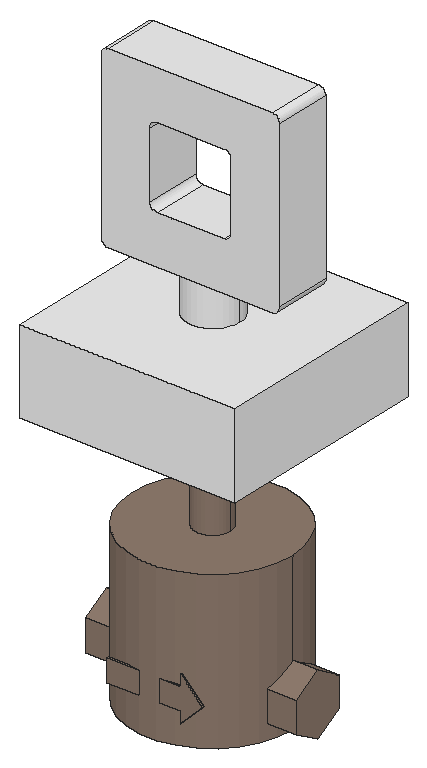
Revit family "Deca_Acabamento para Registro de Pressão Dot_4916.C.DOT.PQ", category Plumbing Fixtures, host Face, Revit 2012
Parameters (values of type "Base Fácil CPVC 28mm (4416.302.CPVC)")
  Vendido Separadamente = ""
  Variações de COR = "Cromado 1/2 e 3/4 (4916.C.DOT.PQ); Cromado/Branco 1/2 e 3/4 (4916.C.DOT.BR.PQ)"  # constant formula
  URL = "www.deca.com.br/produtos"
  Symbol [instance] = no
  Segmento = "Luxo"  # constant formula
  Raio Ponto de Agua = 14 mm
  Produto = "Acabamento para registro de pressão Dot"  # constant formula
  Pressão = "2 A 40 mca"  # constant formula
  Peso Liquido (Kg) = 0.59
  Norma = "ABNT NBR 10283: 2003"  # constant formula
  Model = Código  # "4916.C.DOT.PQ"
  Material = "Deca_Latão Cromado e Plástico de Engenharia"  # constant formula
  Manufacturer = "Deca"  # constant formula
  Louça/Metais = "Metal"  # constant formula
  Linha = "Dot"  # constant formula
  Informações Complementares = "Mecanismo: 1/2 volta"  # constant formula
  Flow Pressure = 0.00 psi
  Diâmetro Ponto de Agua = Raio Ponto de Agua * 2  # 28 mm
  Description = "Acabamento para registro de pressão"  # constant formula
  Default Elevation = 0 mm
  Código = "4916.C.DOT.PQ"
  Criado por = "Contino/quattroD"  # constant formula
  Consumo = "Varia com a pressão"  # constant formula
  CWFU = 0
  Base de Registro de Pressão _Family = Deca_Shared_Base de Registro de Pressão_4916.C.DOT.PQ : 4416.102 - DN 15 (1/2")
  Base de Registro de Pressão [instance] = yes
  Atendimento ao Cliente = "0800-0117073"  # constant formula
  Assembly Code = "D2020"
  Aprovado por = "Contino/quattroD"  # constant formula
  Acompanha o Produto = ""
  Acessório = Deca BR16  Branco Metal
  Acabamento de Registro [instance] = yes
  Acabamento = Deca CR10 Cromado Metal
Types (12, lengths in mm): name | Raio Ponto de Agua | Diâmetro Ponto de Agua | Base de Registro de Pressão _Family | Acessório
  (no name) | 14 | 28 | Deca_Shared_Base de Registro de Pressão_4916.C.DOT.PQ : 4416.102 - DN 15 (1/2") | Deca BR16  Branco Metal
  4916.C.DOT.PQ_Cromado CR10_1/2" | 7.5 | 15 | Deca_Shared_Base de Registro de Pressão_4916.C.DOT.PQ : 4416.102 - DN 15 (1/2") | Deca CR10 Cromado Metal
  4916.C.DOT.PQ_Cromado CR10_3/4" | 10 | 20 | Deca_Shared_Base de Registro de Pressão_4916.C.DOT.PQ : 4416.202 - DN 20 (3/4") | Deca CR10 Cromado Metal
  4916.C.DOT.BR.PQ_Cromado CR10/Branco BR16_1/2" | 7.5 | 15 | Deca_Shared_Base de Registro de Pressão_4916.C.DOT.PQ : 4416.102 - DN 15 (1/2") | Deca BR16  Branco Metal
  4916.C.DOT.BR.PQ_Cromado CR10/Branco BR16_3/4" | 10 | 20 | Deca_Shared_Base de Registro de Pressão_4916.C.DOT.PQ : 4416.202 - DN 20 (3/4") | Deca BR16  Branco Metal
  Base Fácil PVC 20mm (4416.102.PVC) | 10 | 20 | Deca_Shared_Base de Registro de Pressão_4916.C.DOT.PQ : 4416.102 - DN 15 (1/2") | Deca BR16  Branco Metal
  Base Fácil PVC 25mm (4416.202.PVC) | 12.5 | 25 | Deca_Shared_Base de Registro de Pressão_4916.C.DOT.PQ : 4416.102 - DN 15 (1/2") | Deca BR16  Branco Metal
  Base Fácil PPR 20mm (4416.102.PPR) | 10 | 20 | Deca_Shared_Base de Registro de Pressão_4916.C.DOT.PQ : 4416.102 - DN 15 (1/2") | Deca BR16  Branco Metal
  Base Fácil PPR 25mm (4416.202.PPR) | 12.5 | 25 | Deca_Shared_Base de Registro de Pressão_4916.C.DOT.PQ : 4416.102 - DN 15 (1/2") | Deca BR16  Branco Metal
  Base Fácil CPVC 15mm (4416.102.CPVC) | 7.5 | 15 | Deca_Shared_Base de Registro de Pressão_4916.C.DOT.PQ : 4416.102 - DN 15 (1/2") | Deca BR16  Branco Metal
  Base Fácil CPVC 22mm (4416.202.CPVC) | 11 | 22 | Deca_Shared_Base de Registro de Pressão_4916.C.DOT.PQ : 4416.102 - DN 15 (1/2") | Deca BR16  Branco Metal
  Base Fácil CPVC 28mm (4416.302.CPVC) | 14 | 28 | Deca_Shared_Base de Registro de Pressão_4916.C.DOT.PQ : 4416.102 - DN 15 (1/2") | Deca BR16  Branco Metal
Reference planes
  plane 1 "Center (Front/Back)": y = 0
  plane 2: z = 0
  plane 3 "Center (Left/Right)": x = 0.259
  plane 4 "Back 1": y = 30.226
  plane 5 "Front 1": y = -30.213
  plane 6 "Left 1": x = -29.897
  plane 7 "Right 1": x = 30.493
  plane 8 "Top 1": z = 85.422
Forms (mm)
  Extrusion 1, solid, material "Deca CR10 Cromado Metal" <- "Acabamento"
    sketch origin (0, 0, 0) x (1, 0, 0) y (0, 0, 1)
      loop
        line (-29.745, 23.504) -> (-29.745, 0) -> (30.468, 0) -> (30.468, 23.504) -> (-29.745, 23.504)
    from -30.226 to 30.213
  Extrusion 2, solid, material "Deca BR16  Branco Metal" <- "Acessório"
    sketch origin (0, 0, 0) x (1, 0, 0) y (0, 0, 1)
      loop
        line (23.259, 85.422) -> (-22.741, 85.422)
        arc (-22.741, 85.422) -> (-24.155, 84.836) -> (-24.741, 83.422) r 2
        line (-24.741, 83.422) -> (-24.741, 37.422)
        arc (-24.741, 37.422) -> (-24.155, 36.008) -> (-22.741, 35.422) r 2
        line (-22.741, 35.422) -> (23.259, 35.422)
        arc (23.259, 35.422) -> (24.673, 36.008) -> (25.259, 37.422) r 2
        line (25.259, 37.422) -> (25.259, 83.422)
        arc (25.259, 83.422) -> (24.673, 84.836) -> (23.259, 85.422) r 2
      loop
        arc (9.624, 49.057) -> (11.038, 49.643) -> (11.624, 51.057) r 2
        line (11.624, 51.057) -> (11.624, 69.787)
        arc (11.624, 69.787) -> (11.038, 71.201) -> (9.624, 71.787) r 2
        line (9.624, 71.787) -> (-9.106, 71.787)
        arc (-9.106, 71.787) -> (-10.52, 71.201) -> (-11.106, 69.787) r 2
        line (-11.106, 69.787) -> (-11.106, 51.057)
        arc (-11.106, 51.057) -> (-10.52, 49.643) -> (-9.106, 49.057) r 2
        line (-9.106, 49.057) -> (9.624, 49.057)
    from -8 to 8
  Extrusion 3, solid, material "Deca CR10 Cromado Metal" <- "Acabamento"
    sketch origin (0, 0, 0) x (1, 0, 0) y (0, 1, 0)
      loop
        circle (0.259, 0) r 7.409
    from 24 to 35.422
Lines and regions (mm)
  Masking region 1
    outline origin (0, 0, 0) x (1, 0, 0) y (0, 1, 0)
      loop
        line (-29.897, 30.226) -> (-29.897, -30.213) -> (30.493, -30.213) -> (30.493, 30.226) -> (-29.897, 30.226)
  Masking region 2
    outline origin (0, 0, 0) x (1, 0, 0) y (0, 0, 1)
      loop
        line (23.259, 85.422) -> (-22.741, 85.422)
        arc (-22.741, 85.422) -> (-24.155, 84.836) -> (-24.741, 83.422) r 2
        line (-24.741, 83.422) -> (-24.741, 37.422)
        arc (-24.741, 37.422) -> (-24.155, 36.008) -> (-22.741, 35.422) r 2
        line (-22.741, 35.422) -> (-6.741, 35.422) -> (-6.741, 24) -> (-29.246, 24)
        arc (-29.246, 24) -> (-29.598, 23.855) -> (-29.745, 23.504) r 0.5
        line (-29.745, 23.504) -> (-29.951, 0) -> (30.468, 0) -> (30.263, 23.504)
        arc (30.263, 23.504) -> (30.115, 23.855) -> (29.763, 24) r 0.5
        line (29.763, 24) -> (7.259, 24) -> (7.259, 35.422) -> (23.259, 35.422)
        arc (23.259, 35.422) -> (24.673, 36.008) -> (25.259, 37.422) r 2
        line (25.259, 37.422) -> (25.259, 83.422)
        arc (25.259, 83.422) -> (24.673, 84.836) -> (23.259, 85.422) r 2
      loop
        line (-11.106, 69.787) -> (-11.106, 51.057)
        arc (-11.106, 51.057) -> (-10.52, 49.643) -> (-9.106, 49.057) r 2
        line (-9.106, 49.057) -> (9.624, 49.057)
        arc (9.624, 49.057) -> (11.038, 49.643) -> (11.624, 51.057) r 2
        line (11.624, 51.057) -> (11.624, 69.787)
        arc (11.624, 69.787) -> (11.038, 71.201) -> (9.624, 71.787) r 2
        line (9.624, 71.787) -> (-9.106, 71.787)
        arc (-9.106, 71.787) -> (-10.52, 71.201) -> (-11.106, 69.787) r 2
  Masking region 3
    outline origin (0.259, 0, 0) x (0, 1, 0) y (0, 0, 1)
      loop
        line (7.758, 85.422) -> (-7.758, 85.422) -> (-7.758, 35.422) -> (-6.774, 35.422) -> (-6.774, 24) -> (-29.513, 24)
        arc (-29.513, 24) -> (-29.865, 23.855) -> (-30.013, 23.504) r 0.5
        line (-30.013, 23.504) -> (-30.218, 0) -> (30.218, 0) -> (30.013, 23.504)
        arc (30.013, 23.504) -> (29.865, 23.855) -> (29.513, 24) r 0.5
        line (29.513, 24) -> (6.774, 24) -> (6.774, 35.422) -> (7.758, 35.422) -> (7.758, 85.422)
  symbolic lines
    curve 1: line (25.259, 8, 0) -> (-24.741, 8, 0)
    curve 2: line (25.259, 8, 0) -> (25.259, -8, 0)
    curve 3: line (25.259, -8, 0) -> (-24.741, -8, 0)
    curve 4: line (-24.741, -8, 0) -> (-24.741, 8, 0)
    curve 5: line (-6.741, 0, 35.422) -> (7.259, 0, 35.422)
    curve 6: line (-6.741, 0, 24) -> (7.259, 0, 24)
    curve 7: line (0.259, 6.992, 24) -> (0.259, -7.008, 24)
    curve 8: line (0.259, 6.774, 35.422) -> (0.259, -6.774, 35.422)
Dimensions and locks
  plane 6 "Left 1" to plane 7 "Right 1" = 60.391 mm
  plane 4 "Back 1" to plane 5 "Front 1" = 60.439 mm
  plane 7 "Right 1" to plane 6 "Left 1" = 60.391 mm
  plane 8 "Top 1" to host face = 85.422 mm  (x2)
  plane 5 "Front 1" to plane 4 "Back 1" = 60.439 mm
  aligned and locked: host face to plane 2
  aligned and locked: level to host face
Nested families
  nested 1: "Deca_Shared_Base de Registro de Pressão_4916.C.DOT.PQ" at (-0.3, 0, -64.375), type <- "Base de Registro de Pressão _Family", visible <- "Base de Registro de Pressão", Symbol <- "Symbol", type "4416.102 - DN 15 (1/2")"
    with built-in parameter 1114242 1, Symbol no
Connectors
  piping at (-29.5, 0, -64.375), driven by "Raio Ponto de Agua", driven by "Flow Pressure"
    settings: on nested 1, index 1, connector radius 0.55118", flow factor 0, pipe flow 0 GPM, pressure drop 0.00 psi, fitting loss kfactor 0, connector angle 0.00°, fixture units 0, engagement length 0 mm, flow configuration 3, flow direction 1, fitting loss method 4, system type 29, joint type 0, gender type 0, connector reference index -1, connector utility 0, adjustable connector no, is connector primary yes, fitting loss table "", connector description ""
  piping at (29.5, 0, -64.375), driven by "Raio Ponto de Agua", driven by "Flow Pressure"
    settings: on nested 1, index 2, connector radius 0.55118", flow factor 0, pipe flow 0 GPM, pressure drop 0.00 psi, fitting loss kfactor 0, connector angle 0.00°, fixture units 0, engagement length 0 mm, flow configuration 3, flow direction 2, fitting loss method 4, system type 29, joint type 0, gender type 0, connector reference index -1, connector utility 0, adjustable connector no, is connector primary no, fitting loss table "", connector description ""
Definition of nested family "Deca_Shared_Base de Registro de Pressão_4916.C.DOT.PQ"
  Parameters (values of type "4416.202 - DN 20 (3/4")")
    Vendido Separadamente = "Não Aplicável"  # constant formula
    Variações de COR = "1/2'' e 3/4''"  # constant formula
    built-in parameter 1114242 [instance] = 1
    Topo = Deca BR13 Bronze Bruto Metal
    Symbol [instance] = yes
    Segmento = "Básicos"  # constant formula
    Raio Ponto de Agua = 9.5 mm
    Radius Side = DN / 2  # 10 mm
    Produto = "Base de registro de pressão 3/4\""
    Pressão = "2 a 40 mca"  # constant formula
    Peso Liquido (Kg) = 0.332
    Norma = "NBR 15704-1"  # constant formula
    Mín = 30 mm
    Max = 40 mm
    Material = "Bronze Fundido e Plásticos de Engenharia"  # constant formula
    Louça/Metais = "Metais"  # constant formula
    Linha = "-"  # constant formula
    K Coefficient = 0
    Informações Complementares = "Gabarito para embutimento e proteção; Range de embutimento de 10 mm, Possibilidade de troca de mecanismo de MVS para MVR (meia volta); Sentido do fluxo indicado por seta indicativa no corpo;"  # constant formula
    Flow Pressure = 0.00 psi
    Fabricante = "Deca"  # constant formula
    Diâmetro Ponto de Agua = Raio Ponto de Agua * 2  # 19 mm
    Descrição = "Base de registro de pressão"  # constant formula
    DN = 20 mm
    Código = "4416.202"
    Criador por = "Contino/quattroD"  # constant formula
    Corpo = Deca BR13 Bronze Bruto Metal
    URL = "www.deca.com.br"
    Model = Código  # "4416.202"
    Manufacturer = Fabricante  # "Deca"
    Description = Descrição  # "Base de registro de pressão"
    B = 94 mm
    Atendimento ao Cliente = "0800-0117073"  # constant formula
    Assembly Code = ""
    Aprovado por = "Contino/quattroD"  # constant formula
    Acompanha o Produto = "Não Aplicável"  # constant formula
    A = 58 mm
  Types (2, lengths in mm): name | Raio Ponto de Agua | Radius Side | Produto | Peso Liquido (Kg) | Mín | Max | Diâmetro Ponto de Agua | DN | Código | Model | B | A
    4416.102 - DN 15 (1/2") | 6.4 | 7.5 | "Base de registro de pressão 1/2\"" | 0.31 | 35 | 45 | 12.8 | 15 | "4416.102" | "4416.102" | 99 | 59
    4416.202 - DN 20 (3/4") | 9.5 | 10 | "Base de registro de pressão 3/4\"" | 0.332 | 30 | 40 | 19 | 20 | "4416.202" | "4416.202" | 94 | 58
  Reference planes
    plane 1 "Center (Front/Back)": y = 0
    plane 2: z = 0
    plane 3 "Center (Left/Right)": x = 0.3
    plane 4 "Left 2": x = -28.7
    plane 5: through (11.528, 0, 0) normal (0, 0.5, -0.866)
    plane 6: through (11.528, 28.818, 28.185) normal (0, -0.5, 0.866)
    plane 7: through (11.528, 0, 0) normal (0, 0.5, 0.866)
    plane 8: through (11.528, 15.115, 2.82) normal (0, 0.5, 0.866)
    plane 9: through (11.528, 0, 0) normal (0, -0.5, -0.866)
    plane 10: through (11.528, 28.818, -28.185) normal (0, 0.5, 0.866)
    plane 11: through (11.528, 0, 0) normal (0, -0.5, 0.866)
    plane 12: through (11.528, 15.115, -2.82) normal (0, -0.5, 0.866)
    plane 13 "Right 2": x = 29.3
    plane 14 "Top 1": z = 30
    plane 15 "Right 1": x = 22.3
    plane 16 "Left 1": x = -21.7
    plane 17 "Top 2": z = 94
  Forms (mm)
    Extrusion 1, solid, material "Deca BR13 Bronze Bruto Metal" <- "Corpo"
      sketch origin (0, 134.427, 73.647) x (0, 1, 0) y (0, 0, 1)
        loop
          line (-124.427, -67.874) -> (-134.427, -62.1) -> (-144.427, -67.874) -> (-144.427, -79.421) -> (-134.427, -85.194) -> (-124.427, -79.421) -> (-124.427, -67.874)
      from -28.7 to 29.3
    Extrusion 2, solid, material "Deca BR13 Bronze Bruto Metal" <- "Corpo"
      sketch origin (0, 0, 0) x (1, 0, 0) y (0, 1, 0)
        loop
          circle (0.3, 0) r 22
      from -11.547 to 30
    Extrusion 3, solid, material "Deca BR13 Bronze Bruto Metal" <- "Topo"
      sketch origin (0, 0, 0) x (1, 0, 0) y (0, 1, 0)
        loop
          circle (0.3, 0) r 5
      from 30 to 94
    Extrusion 4, solid, material "Deca BR13 Bronze Bruto Metal" <- "Corpo"
      sketch origin (0, 0, 0) x (1, 0, 0) y (0, 0, 1)
        loop
          line (-10.882, 7.052) -> (-10.882, 0.923) -> (9.118, 0.923) -> (9.118, -2.241) -> (15.346, 3.987) -> (9.118, 10.216) -> (9.118, 7.052) -> (-10.882, 7.052)
      from 21.847 to 22.271
  Dimensions and locks
    "Radius Side": plane 6 to plane 5
    "Radius Side": plane 8 to plane 7
    "Radius Side": plane 10 to plane 9
    "Radius Side": plane 12 to plane 11
    "A": plane 4 "Left 2" to plane 13 "Right 2"
    equal spacing: plane 13 "Right 2", plane 3 "Center (Left/Right)", plane 4 "Left 2"
    "Mín": plane 14 "Top 1" to level
    locked: plane 13 "Right 2" to plane 15 "Right 1" at 7
    equal spacing: plane 16 "Left 1", plane 3 "Center (Left/Right)", plane 15 "Right 1"
    plane 4 "Left 2" to plane 13 "Right 2" = 58 mm
    "B": plane 17 "Top 2" to level
    aligned and locked: plane 4 "Left 2" to Extrusion 1
    aligned and locked: plane 13 "Right 2" to Extrusion 1
    aligned and locked: Extrusion 1 to Extrusion 2
    aligned and locked: plane 15 "Right 1" to Extrusion 2 sketch curve
    aligned and locked: plane 14 "Top 1" to Extrusion 2
    aligned and locked: Extrusion 3 to plane 14 "Top 1"
    aligned and locked: plane 17 "Top 2" to Extrusion 3
  Automatic sketch dimensions
    Extrusion 1 sketch curve to plane 5 = 0 mm
    plane 10 to Extrusion 1 sketch curve = 0 mm  (x2)
    Extrusion 1 sketch curve to plane 1 "Center (Front/Back)" = 0 mm  (x2)
    plane 7 to Extrusion 1 sketch curve = 0 mm
    plane 12 to Extrusion 1 sketch curve = 0 mm
    plane 5 to Extrusion 1 sketch curve = 0 mm
    Extrusion 1 sketch curve to plane 6 = 0 mm  (x2)
    plane 1 "Center (Front/Back)" to Extrusion 2 sketch curve = 0 mm
    Extrusion 2 sketch curve to plane 3 "Center (Left/Right)" = 0 mm
    plane 1 "Center (Front/Back)" to Extrusion 3 sketch curve = 0 mm
    Extrusion 3 sketch curve to plane 3 "Center (Left/Right)" = 0 mm
    Extrusion 4 sketch curve to plane 16 "Left 1" = 10.818 mm
    plane 3 "Center (Left/Right)" to Extrusion 4 sketch curve = 8.818 mm
    level to Extrusion 4 sketch curve = 0.923 mm
    Extrusion 4 sketch curve to Extrusion 4 sketch curve = 0 mm
    level to Extrusion 4 sketch curve = 3.987 mm
    Extrusion 4 sketch curve to Extrusion 4 sketch curve = 6.228 mm
    Extrusion 4 sketch curve to level = 2.241 mm
    Extrusion 4 sketch curve to Extrusion 4 sketch curve = 3.163 mm
    radius of Extrusion 3 sketch curve = 5 mm
  Nested families
    nested 1: "Symbol" at (0.3, 0, 0), visible <- "Symbol", type "Symbol"
  Connectors
    piping at (29.3, 0, 0), driven by "Flow Pressure", driven by "Raio Ponto de Agua"
      settings: on Extrusion 1, index 1, connector radius 0.37402", flow factor 0, pipe flow 0 GPM, pressure drop 0.00 psi, fitting loss kfactor 0, connector angle 0.00°, fixture units 0, engagement length 0 mm, flow configuration 3, flow direction 2, fitting loss method 4, system type 29, joint type 0, gender type 0, connector reference index -1, connector utility 0, adjustable connector no, is connector primary yes, fitting loss table "", connector description ""
    piping at (-28.7, 0, 0), driven by "Raio Ponto de Agua", driven by "Flow Pressure"
      settings: on Extrusion 1, index 2, connector radius 0.37402", flow factor 0, pipe flow 0 GPM, pressure drop 0.00 psi, fitting loss kfactor 0, connector angle 0.00°, fixture units 0, engagement length 0 mm, flow configuration 3, flow direction 1, fitting loss method 4, system type 29, joint type 0, gender type 0, connector reference index -1, connector utility 0, adjustable connector no, is connector primary no, fitting loss table "", connector description ""
  Definition of nested family "Symbol"
    Reference planes
      plane 1: y = 0
      plane 2: x = 0
    Lines and regions (mm)
      detail lines, style "Centerline"
        curve 1: line (0, 1.651, 0) -> (0, -3.349, 0)
        curve 2: line (0, -3.349, 0) -> (-2.5, -3.349, 0)
        curve 3: circle (0, 0, 0) r 1.651 normal (0, 0, 1)
      detail lines
        curve 4: line (2.5, 1.651, 0) -> (2.5, -1.651, 0)
        curve 5: line (-2.5, 1.651, 0) -> (-2.5, -1.651, 0)
